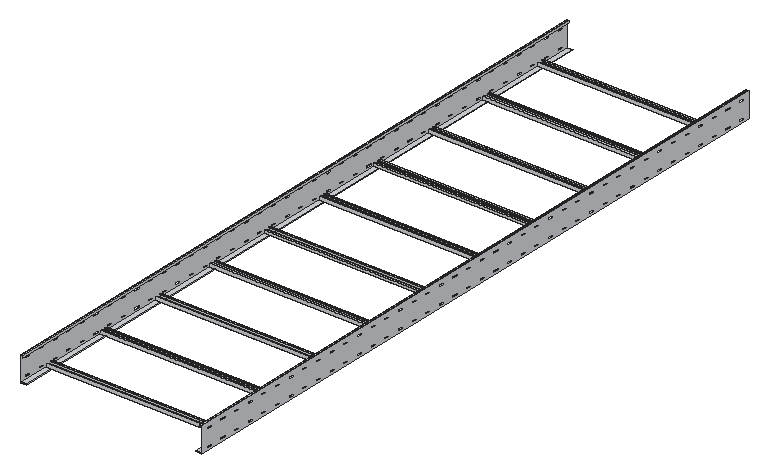
Revit family "Kabelleiter SCLS 1180 3 FTSO", category Generic Models, Revit 2017 (continued)
Dimensions and locks
  Extrusion 7 sketch curve to Extrusion 7 sketch curve = 30 mm
  locked: Extrusion 7 sketch curve to Extrusion 7 sketch curve at 2  (x4)
  locked: Extrusion 7 sketch curve to Extrusion 7 sketch curve at 17
  locked: plane 45 to plane 46 at 30
  locked: plane 47 to plane 43 at 8.5
  locked: plane 43 to Extrusion 8 sketch curve at 8.5
  locked: Extrusion 8 sketch curve to Extrusion 8 sketch curve at 30
  Extrusion 8 sketch curve to Extrusion 8 sketch curve = 30 mm
  locked: Extrusion 8 sketch curve to Extrusion 8 sketch curve at 2  (x4)
  locked: Extrusion 8 sketch curve to Extrusion 8 sketch curve at 17
  locked: plane 51 to plane 52 at 30
  locked: plane 53 to plane 49 at 8.5
  locked: plane 49 to Extrusion 9 sketch curve at 8.5
  locked: Extrusion 9 sketch curve to Extrusion 9 sketch curve at 30
  Extrusion 9 sketch curve to Extrusion 9 sketch curve = 30 mm
  locked: Extrusion 9 sketch curve to Extrusion 9 sketch curve at 2  (x4)
  locked: Extrusion 9 sketch curve to Extrusion 9 sketch curve at 17
  locked: plane 57 to plane 58 at 30
  locked: plane 59 to plane 55 at 8.5
  locked: plane 55 to Extrusion 10 sketch curve at 8.5
  locked: Extrusion 10 sketch curve to Extrusion 10 sketch curve at 30
  Extrusion 10 sketch curve to Extrusion 10 sketch curve = 30 mm
  locked: Extrusion 10 sketch curve to Extrusion 10 sketch curve at 2  (x4)
  locked: Extrusion 10 sketch curve to Extrusion 10 sketch curve at 17
  locked: plane 63 to plane 64 at 30
  locked: plane 65 to plane 61 at 8.5
  locked: plane 61 to Extrusion 11 sketch curve at 8.5
  locked: Extrusion 11 sketch curve to Extrusion 11 sketch curve at 30
  Extrusion 11 sketch curve to Extrusion 11 sketch curve = 30 mm
  locked: Extrusion 11 sketch curve to Extrusion 11 sketch curve at 2  (x4)
  locked: Extrusion 11 sketch curve to Extrusion 11 sketch curve at 17
  locked: Extrusion 12 sketch curve to Extrusion 12 sketch curve at 28
  locked: Extrusion 12 sketch curve to plane 67 at 14
  locked: Extrusion 12 sketch curve to Extrusion 12 sketch curve at 9
  locked: plane 68 to Extrusion 12 sketch curve at 4.5
  locked: Extrusion 13 sketch curve to Extrusion 13 sketch curve at 28
  locked: Extrusion 13 sketch curve to plane 69 at 14
  locked: Extrusion 13 sketch curve to Extrusion 13 sketch curve at 9
  locked: plane 70 to Extrusion 13 sketch curve at 4.5
  locked: Extrusion 14 sketch curve to Extrusion 14 sketch curve at 28
  locked: Extrusion 14 sketch curve to plane 71 at 14
  locked: Extrusion 14 sketch curve to Extrusion 14 sketch curve at 9
  locked: plane 72 to Extrusion 14 sketch curve at 4.5
  locked: Extrusion 15 sketch curve to Extrusion 15 sketch curve at 28
  locked: Extrusion 15 sketch curve to plane 73 at 14
  locked: Extrusion 15 sketch curve to Extrusion 15 sketch curve at 9
  locked: plane 74 to Extrusion 15 sketch curve at 4.5
  equal spacing: group 1, group 2, group 3, group 4, group 5, group 6, group 7, group 8, group 9, group 10, group 11, group 12, group 13, group 14, group 15, group 16, group 17, group 18, group 19, group 20, group 21, group 22, group 23, group 24, group 25, group 26, group 27, group 28, group 29, group 30, group 31, group 32, group 33, group 34, group 35, group 36, group 37, group 38, group 39, group 40  (x3)
  locked: Extrusion 16 sketch curve to Extrusion 16 sketch curve at 28
  locked: Extrusion 16 sketch curve to plane 75 at 14
  locked: Extrusion 16 sketch curve to Extrusion 16 sketch curve at 9
  locked: plane 76 to Extrusion 16 sketch curve at 4.5
  locked: Extrusion 17 sketch curve to Extrusion 17 sketch curve at 28
  locked: Extrusion 17 sketch curve to plane 77 at 14
  locked: Extrusion 17 sketch curve to Extrusion 17 sketch curve at 9
  locked: plane 78 to Extrusion 17 sketch curve at 4.5
  locked: Extrusion 18 sketch curve to Extrusion 18 sketch curve at 28
  locked: Extrusion 18 sketch curve to plane 79 at 14
  locked: Extrusion 18 sketch curve to Extrusion 18 sketch curve at 9
  locked: plane 80 to Extrusion 18 sketch curve at 4.5
  locked: Extrusion 19 sketch curve to Extrusion 19 sketch curve at 28
  locked: Extrusion 19 sketch curve to plane 81 at 14
  locked: Extrusion 19 sketch curve to Extrusion 19 sketch curve at 9
  locked: plane 82 to Extrusion 19 sketch curve at 4.5
  locked: Extrusion 20 sketch curve to Extrusion 20 sketch curve at 28
  locked: Extrusion 20 sketch curve to plane 83 at 14
  locked: Extrusion 20 sketch curve to Extrusion 20 sketch curve at 9
  locked: plane 84 to Extrusion 20 sketch curve at 4.5
  locked: Extrusion 21 sketch curve to Extrusion 21 sketch curve at 28
  locked: Extrusion 21 sketch curve to plane 85 at 14
  locked: Extrusion 21 sketch curve to Extrusion 21 sketch curve at 9
  locked: plane 86 to Extrusion 21 sketch curve at 4.5
  locked: Extrusion 22 sketch curve to Extrusion 22 sketch curve at 28
  locked: Extrusion 22 sketch curve to plane 87 at 14
  locked: Extrusion 22 sketch curve to Extrusion 22 sketch curve at 9
  locked: plane 88 to Extrusion 22 sketch curve at 4.5
  locked: Extrusion 23 sketch curve to Extrusion 23 sketch curve at 28
  locked: Extrusion 23 sketch curve to plane 89 at 14
  locked: Extrusion 23 sketch curve to Extrusion 23 sketch curve at 9
  locked: plane 90 to Extrusion 23 sketch curve at 4.5
  locked: Extrusion 24 sketch curve to Extrusion 24 sketch curve at 28
  locked: Extrusion 24 sketch curve to plane 91 at 14
  locked: Extrusion 24 sketch curve to Extrusion 24 sketch curve at 9
  locked: plane 92 to Extrusion 24 sketch curve at 4.5
  locked: Extrusion 25 sketch curve to Extrusion 25 sketch curve at 28
  locked: Extrusion 25 sketch curve to plane 93 at 14
  locked: Extrusion 25 sketch curve to Extrusion 25 sketch curve at 9
  locked: plane 94 to Extrusion 25 sketch curve at 4.5
  locked: Extrusion 26 sketch curve to Extrusion 26 sketch curve at 28
  locked: Extrusion 26 sketch curve to plane 95 at 14
  locked: Extrusion 26 sketch curve to Extrusion 26 sketch curve at 9
  locked: plane 96 to Extrusion 26 sketch curve at 4.5
  locked: Extrusion 27 sketch curve to Extrusion 27 sketch curve at 28
  locked: Extrusion 27 sketch curve to plane 97 at 14
  locked: Extrusion 27 sketch curve to Extrusion 27 sketch curve at 9
  locked: plane 98 to Extrusion 27 sketch curve at 4.5
  locked: Extrusion 28 sketch curve to Extrusion 28 sketch curve at 28
  locked: Extrusion 28 sketch curve to plane 99 at 14
  locked: Extrusion 28 sketch curve to Extrusion 28 sketch curve at 9
  locked: plane 100 to Extrusion 28 sketch curve at 4.5
  locked: Extrusion 29 sketch curve to Extrusion 29 sketch curve at 28
  locked: Extrusion 29 sketch curve to plane 101 at 14
  locked: Extrusion 29 sketch curve to Extrusion 29 sketch curve at 9
  locked: plane 102 to Extrusion 29 sketch curve at 4.5
  locked: Extrusion 30 sketch curve to Extrusion 30 sketch curve at 28
  locked: Extrusion 30 sketch curve to plane 103 at 14
  locked: Extrusion 30 sketch curve to Extrusion 30 sketch curve at 9
  locked: plane 104 to Extrusion 30 sketch curve at 4.5
  locked: Extrusion 31 sketch curve to Extrusion 31 sketch curve at 28
  locked: Extrusion 31 sketch curve to plane 105 at 14
  locked: Extrusion 31 sketch curve to Extrusion 31 sketch curve at 9
  locked: plane 106 to Extrusion 31 sketch curve at 4.5
  locked: Extrusion 32 sketch curve to Extrusion 32 sketch curve at 28
  locked: Extrusion 32 sketch curve to plane 107 at 14
  locked: Extrusion 32 sketch curve to Extrusion 32 sketch curve at 9
  locked: plane 108 to Extrusion 32 sketch curve at 4.5
  locked: Extrusion 33 sketch curve to Extrusion 33 sketch curve at 28
  locked: Extrusion 33 sketch curve to plane 109 at 14
  locked: Extrusion 33 sketch curve to Extrusion 33 sketch curve at 9
  locked: plane 110 to Extrusion 33 sketch curve at 4.5
  locked: Extrusion 34 sketch curve to Extrusion 34 sketch curve at 28
  locked: Extrusion 34 sketch curve to plane 111 at 14
  locked: Extrusion 34 sketch curve to Extrusion 34 sketch curve at 9
  locked: plane 112 to Extrusion 34 sketch curve at 4.5
  locked: Extrusion 35 sketch curve to Extrusion 35 sketch curve at 28
  locked: Extrusion 35 sketch curve to plane 113 at 14
  locked: Extrusion 35 sketch curve to Extrusion 35 sketch curve at 9
  locked: plane 114 to Extrusion 35 sketch curve at 4.5
  locked: Extrusion 36 sketch curve to Extrusion 36 sketch curve at 28
  locked: Extrusion 36 sketch curve to plane 115 at 14
  locked: Extrusion 36 sketch curve to Extrusion 36 sketch curve at 9
  locked: plane 116 to Extrusion 36 sketch curve at 4.5
  locked: Extrusion 37 sketch curve to Extrusion 37 sketch curve at 28
  locked: Extrusion 37 sketch curve to plane 117 at 14
  locked: Extrusion 37 sketch curve to Extrusion 37 sketch curve at 9
  locked: plane 118 to Extrusion 37 sketch curve at 4.5
  locked: Extrusion 38 sketch curve to Extrusion 38 sketch curve at 28
  locked: Extrusion 38 sketch curve to plane 119 at 14
  locked: Extrusion 38 sketch curve to Extrusion 38 sketch curve at 9
  locked: plane 120 to Extrusion 38 sketch curve at 4.5
  locked: Extrusion 39 sketch curve to Extrusion 39 sketch curve at 28
  locked: Extrusion 39 sketch curve to plane 121 at 14
  locked: Extrusion 39 sketch curve to Extrusion 39 sketch curve at 9
  locked: plane 122 to Extrusion 39 sketch curve at 4.5
  locked: Extrusion 40 sketch curve to Extrusion 40 sketch curve at 28
  locked: Extrusion 40 sketch curve to plane 123 at 14
  locked: Extrusion 40 sketch curve to Extrusion 40 sketch curve at 9
  locked: plane 124 to Extrusion 40 sketch curve at 4.5
  locked: Extrusion 41 sketch curve to Extrusion 41 sketch curve at 28
  locked: Extrusion 41 sketch curve to plane 125 at 14
  locked: Extrusion 41 sketch curve to Extrusion 41 sketch curve at 9
  locked: plane 126 to Extrusion 41 sketch curve at 4.5
  locked: Extrusion 42 sketch curve to Extrusion 42 sketch curve at 28
  locked: Extrusion 42 sketch curve to plane 127 at 14
  locked: Extrusion 42 sketch curve to Extrusion 42 sketch curve at 9
  locked: plane 128 to Extrusion 42 sketch curve at 4.5
  locked: Extrusion 43 sketch curve to Extrusion 43 sketch curve at 28
  locked: Extrusion 43 sketch curve to plane 129 at 14
  locked: Extrusion 43 sketch curve to Extrusion 43 sketch curve at 9
  locked: plane 130 to Extrusion 43 sketch curve at 4.5
  locked: Extrusion 44 sketch curve to Extrusion 44 sketch curve at 28
  locked: Extrusion 44 sketch curve to plane 131 at 14
  locked: Extrusion 44 sketch curve to Extrusion 44 sketch curve at 9
  locked: plane 132 to Extrusion 44 sketch curve at 4.5
  locked: Extrusion 45 sketch curve to Extrusion 45 sketch curve at 28
  locked: Extrusion 45 sketch curve to plane 133 at 14
  locked: Extrusion 45 sketch curve to Extrusion 45 sketch curve at 9
  locked: plane 134 to Extrusion 45 sketch curve at 4.5
  locked: Extrusion 46 sketch curve to Extrusion 46 sketch curve at 28
  locked: Extrusion 46 sketch curve to plane 135 at 14
  locked: Extrusion 46 sketch curve to Extrusion 46 sketch curve at 9
  locked: plane 136 to Extrusion 46 sketch curve at 4.5
  locked: Extrusion 47 sketch curve to Extrusion 47 sketch curve at 28
  locked: Extrusion 47 sketch curve to plane 137 at 14
  locked: Extrusion 47 sketch curve to Extrusion 47 sketch curve at 9
  locked: plane 138 to Extrusion 47 sketch curve at 4.5
  locked: Extrusion 48 sketch curve to Extrusion 48 sketch curve at 28
  locked: Extrusion 48 sketch curve to plane 139 at 14
  locked: Extrusion 48 sketch curve to Extrusion 48 sketch curve at 9
  locked: plane 140 to Extrusion 48 sketch curve at 4.5
  locked: Extrusion 49 sketch curve to Extrusion 49 sketch curve at 28
  locked: Extrusion 49 sketch curve to plane 141 at 14
  locked: Extrusion 49 sketch curve to Extrusion 49 sketch curve at 9
  locked: plane 142 to Extrusion 49 sketch curve at 4.5
  locked: Extrusion 50 sketch curve to Extrusion 50 sketch curve at 28
  locked: Extrusion 50 sketch curve to plane 143 at 14
  locked: Extrusion 50 sketch curve to Extrusion 50 sketch curve at 9
  locked: plane 144 to Extrusion 50 sketch curve at 4.5
  locked: Extrusion 51 sketch curve to Extrusion 51 sketch curve at 28
  locked: Extrusion 51 sketch curve to plane 145 at 14
  locked: Extrusion 51 sketch curve to Extrusion 51 sketch curve at 9
  locked: plane 146 to Extrusion 51 sketch curve at 4.5
  locked: Extrusion 52 sketch curve to Extrusion 52 sketch curve at 28
  locked: Extrusion 52 sketch curve to plane 147 at 14
  locked: Extrusion 52 sketch curve to Extrusion 52 sketch curve at 9
  locked: plane 148 to Extrusion 52 sketch curve at 4.5
  locked: Extrusion 53 sketch curve to Extrusion 53 sketch curve at 28
  locked: Extrusion 53 sketch curve to plane 149 at 14
  locked: Extrusion 53 sketch curve to Extrusion 53 sketch curve at 9
  locked: plane 150 to Extrusion 53 sketch curve at 4.5
  locked: Extrusion 54 sketch curve to Extrusion 54 sketch curve at 28
  locked: Extrusion 54 sketch curve to plane 151 at 14
  locked: Extrusion 54 sketch curve to Extrusion 54 sketch curve at 9
  locked: plane 152 to Extrusion 54 sketch curve at 4.5
  locked: Extrusion 55 sketch curve to Extrusion 55 sketch curve at 28
  locked: Extrusion 55 sketch curve to plane 153 at 14
  locked: Extrusion 55 sketch curve to Extrusion 55 sketch curve at 9
  locked: plane 154 to Extrusion 55 sketch curve at 4.5
  locked: Extrusion 56 sketch curve to Extrusion 56 sketch curve at 28
  locked: Extrusion 56 sketch curve to plane 155 at 14
  locked: Extrusion 56 sketch curve to Extrusion 56 sketch curve at 9
  locked: plane 156 to Extrusion 56 sketch curve at 4.5
  locked: Extrusion 57 sketch curve to Extrusion 57 sketch curve at 28
  locked: Extrusion 57 sketch curve to plane 157 at 14
  locked: Extrusion 57 sketch curve to Extrusion 57 sketch curve at 9
  locked: plane 158 to Extrusion 57 sketch curve at 4.5
  locked: Extrusion 58 sketch curve to Extrusion 58 sketch curve at 28
  locked: Extrusion 58 sketch curve to plane 159 at 14
  locked: Extrusion 58 sketch curve to Extrusion 58 sketch curve at 9
  locked: plane 160 to Extrusion 58 sketch curve at 4.5
  locked: Extrusion 59 sketch curve to Extrusion 59 sketch curve at 28
  locked: Extrusion 59 sketch curve to plane 161 at 14
  locked: Extrusion 59 sketch curve to Extrusion 59 sketch curve at 9
  locked: plane 162 to Extrusion 59 sketch curve at 4.5
  locked: Extrusion 60 sketch curve to Extrusion 60 sketch curve at 28
  locked: Extrusion 60 sketch curve to plane 163 at 14
  locked: Extrusion 60 sketch curve to Extrusion 60 sketch curve at 9
  locked: plane 164 to Extrusion 60 sketch curve at 4.5
  locked: Extrusion 61 sketch curve to Extrusion 61 sketch curve at 28
  locked: Extrusion 61 sketch curve to plane 165 at 14
  locked: Extrusion 61 sketch curve to Extrusion 61 sketch curve at 9
  locked: plane 166 to Extrusion 61 sketch curve at 4.5
  locked: Extrusion 62 sketch curve to Extrusion 62 sketch curve at 28
  locked: Extrusion 62 sketch curve to plane 167 at 14
  locked: Extrusion 62 sketch curve to Extrusion 62 sketch curve at 9
  locked: plane 168 to Extrusion 62 sketch curve at 4.5
  locked: Extrusion 63 sketch curve to Extrusion 63 sketch curve at 28
  locked: Extrusion 63 sketch curve to plane 169 at 14
  locked: Extrusion 63 sketch curve to Extrusion 63 sketch curve at 9
  locked: plane 170 to Extrusion 63 sketch curve at 4.5
  locked: Extrusion 64 sketch curve to Extrusion 64 sketch curve at 28
  locked: Extrusion 64 sketch curve to plane 171 at 14
  locked: Extrusion 64 sketch curve to Extrusion 64 sketch curve at 9
  locked: plane 172 to Extrusion 64 sketch curve at 4.5
  locked: Extrusion 65 sketch curve to Extrusion 65 sketch curve at 28
  locked: Extrusion 65 sketch curve to plane 173 at 14
  locked: Extrusion 65 sketch curve to Extrusion 65 sketch curve at 9
  locked: plane 174 to Extrusion 65 sketch curve at 4.5
  locked: Extrusion 66 sketch curve to Extrusion 66 sketch curve at 28
  locked: Extrusion 66 sketch curve to plane 175 at 14
  locked: Extrusion 66 sketch curve to Extrusion 66 sketch curve at 9
  locked: plane 176 to Extrusion 66 sketch curve at 4.5
  locked: Extrusion 67 sketch curve to Extrusion 67 sketch curve at 28
  locked: Extrusion 67 sketch curve to plane 177 at 14
  locked: Extrusion 67 sketch curve to Extrusion 67 sketch curve at 9
  locked: plane 178 to Extrusion 67 sketch curve at 4.5
  locked: Extrusion 68 sketch curve to Extrusion 68 sketch curve at 28
  locked: Extrusion 68 sketch curve to plane 179 at 14
  locked: Extrusion 68 sketch curve to Extrusion 68 sketch curve at 9
  locked: plane 180 to Extrusion 68 sketch curve at 4.5
  locked: Extrusion 69 sketch curve to Extrusion 69 sketch curve at 28
  locked: Extrusion 69 sketch curve to plane 181 at 14
  locked: Extrusion 69 sketch curve to Extrusion 69 sketch curve at 9
  locked: plane 182 to Extrusion 69 sketch curve at 4.5
  locked: Extrusion 70 sketch curve to Extrusion 70 sketch curve at 28
  locked: Extrusion 70 sketch curve to plane 183 at 14
  locked: Extrusion 70 sketch curve to Extrusion 70 sketch curve at 9
  locked: plane 184 to Extrusion 70 sketch curve at 4.5
  locked: Extrusion 71 sketch curve to Extrusion 71 sketch curve at 28
  locked: Extrusion 71 sketch curve to plane 185 at 14
  locked: Extrusion 71 sketch curve to Extrusion 71 sketch curve at 9
  locked: plane 186 to Extrusion 71 sketch curve at 4.5
  locked: Extrusion 72 sketch curve to Extrusion 72 sketch curve at 28
  locked: Extrusion 72 sketch curve to plane 187 at 14
  locked: Extrusion 72 sketch curve to Extrusion 72 sketch curve at 9
  locked: plane 188 to Extrusion 72 sketch curve at 4.5
  locked: Extrusion 73 sketch curve to Extrusion 73 sketch curve at 28
  locked: Extrusion 73 sketch curve to plane 189 at 14
  locked: Extrusion 73 sketch curve to Extrusion 73 sketch curve at 9
  locked: plane 190 to Extrusion 73 sketch curve at 4.5
  locked: Extrusion 74 sketch curve to Extrusion 74 sketch curve at 28
  locked: Extrusion 74 sketch curve to plane 191 at 14
  locked: Extrusion 74 sketch curve to Extrusion 74 sketch curve at 9
  locked: plane 192 to Extrusion 74 sketch curve at 4.5
  locked: Extrusion 75 sketch curve to Extrusion 75 sketch curve at 28
  locked: Extrusion 75 sketch curve to plane 193 at 14
  locked: Extrusion 75 sketch curve to Extrusion 75 sketch curve at 9
  locked: plane 194 to Extrusion 75 sketch curve at 4.5
  locked: Extrusion 76 sketch curve to Extrusion 76 sketch curve at 28
  locked: Extrusion 76 sketch curve to plane 195 at 14
  locked: Extrusion 76 sketch curve to Extrusion 76 sketch curve at 9
  locked: plane 196 to Extrusion 76 sketch curve at 4.5
  locked: Extrusion 77 sketch curve to Extrusion 77 sketch curve at 28
  locked: Extrusion 77 sketch curve to plane 197 at 14
  locked: Extrusion 77 sketch curve to Extrusion 77 sketch curve at 9
  locked: plane 198 to Extrusion 77 sketch curve at 4.5
  locked: Extrusion 78 sketch curve to Extrusion 78 sketch curve at 28
  locked: Extrusion 78 sketch curve to plane 199 at 14
  locked: Extrusion 78 sketch curve to Extrusion 78 sketch curve at 9
  locked: plane 200 to Extrusion 78 sketch curve at 4.5
  locked: Extrusion 79 sketch curve to Extrusion 79 sketch curve at 28
  locked: Extrusion 79 sketch curve to plane 201 at 14
  locked: Extrusion 79 sketch curve to Extrusion 79 sketch curve at 9
  locked: plane 202 to Extrusion 79 sketch curve at 4.5
  locked: Extrusion 80 sketch curve to Extrusion 80 sketch curve at 28
  locked: Extrusion 80 sketch curve to plane 203 at 14
  locked: Extrusion 80 sketch curve to Extrusion 80 sketch curve at 9
  locked: plane 204 to Extrusion 80 sketch curve at 4.5
  locked: Extrusion 81 sketch curve to Extrusion 81 sketch curve at 28
  locked: Extrusion 81 sketch curve to plane 205 at 14
  locked: Extrusion 81 sketch curve to Extrusion 81 sketch curve at 9
  locked: plane 206 to Extrusion 81 sketch curve at 4.5
  locked: Extrusion 82 sketch curve to Extrusion 82 sketch curve at 28
  locked: Extrusion 82 sketch curve to plane 207 at 14
  locked: Extrusion 82 sketch curve to Extrusion 82 sketch curve at 9
  locked: plane 208 to Extrusion 82 sketch curve at 4.5
  locked: Extrusion 83 sketch curve to Extrusion 83 sketch curve at 28
  locked: Extrusion 83 sketch curve to plane 209 at 14
  locked: Extrusion 83 sketch curve to Extrusion 83 sketch curve at 9
  locked: plane 210 to Extrusion 83 sketch curve at 4.5
  locked: Extrusion 84 sketch curve to Extrusion 84 sketch curve at 28
  locked: Extrusion 84 sketch curve to plane 211 at 14
  locked: Extrusion 84 sketch curve to Extrusion 84 sketch curve at 9
  locked: plane 212 to Extrusion 84 sketch curve at 4.5
  locked: Extrusion 85 sketch curve to Extrusion 85 sketch curve at 28
  locked: Extrusion 85 sketch curve to plane 213 at 14
  locked: Extrusion 85 sketch curve to Extrusion 85 sketch curve at 9
  locked: plane 214 to Extrusion 85 sketch curve at 4.5
  locked: Extrusion 86 sketch curve to Extrusion 86 sketch curve at 28
  locked: Extrusion 86 sketch curve to plane 215 at 14
  locked: Extrusion 86 sketch curve to Extrusion 86 sketch curve at 9
  locked: plane 216 to Extrusion 86 sketch curve at 4.5
  locked: Extrusion 87 sketch curve to Extrusion 87 sketch curve at 28
  locked: Extrusion 87 sketch curve to plane 217 at 14
  locked: Extrusion 87 sketch curve to Extrusion 87 sketch curve at 9
  locked: plane 218 to Extrusion 87 sketch curve at 4.5
  locked: Extrusion 88 sketch curve to Extrusion 88 sketch curve at 28
  locked: Extrusion 88 sketch curve to plane 219 at 14
  locked: Extrusion 88 sketch curve to Extrusion 88 sketch curve at 9
  locked: plane 220 to Extrusion 88 sketch curve at 4.5
  locked: Extrusion 89 sketch curve to Extrusion 89 sketch curve at 28
  locked: Extrusion 89 sketch curve to plane 221 at 14
  locked: Extrusion 89 sketch curve to Extrusion 89 sketch curve at 9
  locked: plane 222 to Extrusion 89 sketch curve at 4.5
  locked: Extrusion 90 sketch curve to Extrusion 90 sketch curve at 28
  locked: Extrusion 90 sketch curve to plane 223 at 14
  locked: Extrusion 90 sketch curve to Extrusion 90 sketch curve at 9
  locked: plane 224 to Extrusion 90 sketch curve at 4.5
  locked: Extrusion 91 sketch curve to Extrusion 91 sketch curve at 28
  locked: Extrusion 91 sketch curve to plane 225 at 14
  locked: Extrusion 91 sketch curve to Extrusion 91 sketch curve at 9
  locked: plane 226 to Extrusion 91 sketch curve at 4.5
  locked: cut or joined group 1 (Extrusion 1, Extrusion 12, Extrusion 13, Extrusion 14, Extrusion 15, Extrusion 16, Extrusion 17, Extrusion 18, Extrusion 19, Extrusion 20, Extrusion 21, Extrusion 22, Extrusion 23, Extrusion 24, Extrusion 25, Extrusion 26, Extrusion 27, Extrusion 28, Extrusion 29, Extrusion 30, Extrusion 31, Extrusion 32, Extrusion 33, Extrusion 34, Extrusion 35, Extrusion 36, Extrusion 37, Extrusion 38, Extrusion 39, Extrusion 40, Extrusion 41, Extrusion 42, Extrusion 43, Extrusion 44, Extrusion 45, Extrusion 46, Extrusion 47, Extrusion 48, Extrusion 49, Extrusion 50, Extrusion 51, Extrusion 52, Extrusion 53, Extrusion 54, Extrusion 55, Extrusion 56, Extrusion 57, Extrusion 58, Extrusion 59, Extrusion 60, Extrusion 61, Extrusion 62, Extrusion 63, Extrusion 64, Extrusion 65, Extrusion 66, Extrusion 67, Extrusion 68, Extrusion 69, Extrusion 70, Extrusion 71, Extrusion 72, Extrusion 73, Extrusion 74, Extrusion 75, Extrusion 76, Extrusion 77, Extrusion 78, Extrusion 79, Extrusion 80, Extrusion 81, Extrusion 82, Extrusion 83, Extrusion 84, Extrusion 85, Extrusion 86, Extrusion 87, Extrusion 88, Extrusion 89, Extrusion 90, Extrusion 91, Extrusion 92, Extrusion 93, Extrusion 95, Extrusion 96, Extrusion 97, Extrusion 98, Extrusion 99, Extrusion 100, Extrusion 101, Extrusion 102, Extrusion 103, Extrusion 104, Extrusion 105, Extrusion 106, Extrusion 107, Extrusion 108, Extrusion 109, Extrusion 110, Extrusion 111, Extrusion 112, Extrusion 113, Extrusion 114, Extrusion 115, Extrusion 116, Extrusion 117, Extrusion 118, Extrusion 119, Extrusion 120, Extrusion 121, Extrusion 122, Extrusion 123, Extrusion 124, Extrusion 125, Extrusion 126, Extrusion 127, Extrusion 128, Extrusion 129, Extrusion 130, Extrusion 131, Extrusion 132, Extrusion 133, Extrusion 134, Extrusion 135, Extrusion 136, Extrusion 137, Extrusion 138, Extrusion 139, Extrusion 140, Extrusion 141, Extrusion 142, Extrusion 143, Extrusion 144, Extrusion 145, Extrusion 146, Extrusion 147, Extrusion 148, Extrusion 149, Extrusion 150, Extrusion 151, Extrusion 152, Extrusion 153, Extrusion 154, Extrusion 155, Extrusion 156, Extrusion 157, Extrusion 158, Extrusion 159, Extrusion 160, Extrusion 161, Extrusion 162, Extrusion 163, Extrusion 164, Extrusion 165, Extrusion 166, Extrusion 167, Extrusion 168, Extrusion 169, Extrusion 170, Extrusion 171, Extrusion 172) to cut or joined group 1 at 47  (x18)
  locked: Extrusion 2 to Extrusion 3 at 270
  locked: Extrusion 3 to Extrusion 4 at 270
  locked: Extrusion 4 to Extrusion 5 at 270
  locked: Extrusion 5 to Extrusion 6 at 270
  locked: Extrusion 6 to Extrusion 7 at 270
  locked: Extrusion 7 to Extrusion 8 at 270
  locked: Extrusion 8 to Extrusion 9 at 270
  locked: Extrusion 9 to Extrusion 10 at 270
  locked: Extrusion 10 to Extrusion 11 at 270
  locked: Extrusion 11 to cut or joined group 1 at 135
  locked: Extrusion 92 sketch curve to Extrusion 92 sketch curve at 28
  locked: plane 228 to Extrusion 92 sketch curve at 14
  locked: Extrusion 92 sketch curve to Extrusion 92 sketch curve at 9
  locked: plane 227 to Extrusion 92 sketch curve at 4.5
  locked: Extrusion 93 sketch curve to Extrusion 93 sketch curve at 28
  locked: plane 230 to Extrusion 93 sketch curve at 14
  locked: Extrusion 93 sketch curve to Extrusion 93 sketch curve at 9
  locked: plane 229 to Extrusion 93 sketch curve at 4.5
  group 41 to group 42 = 0 mm  (x2)
  group 41 to group 42 = 75 mm
  locked: Extrusion 94 sketch curve to Extrusion 94 sketch curve at 28
  locked: plane 232 to Extrusion 94 sketch curve at 14
  locked: Extrusion 94 sketch curve to Extrusion 94 sketch curve at 9
  locked: plane 231 to Extrusion 94 sketch curve at 4.5
  locked: Extrusion 95 sketch curve to Extrusion 95 sketch curve at 28
  locked: plane 234 to Extrusion 95 sketch curve at 14
  locked: Extrusion 95 sketch curve to Extrusion 95 sketch curve at 9
  locked: plane 233 to Extrusion 95 sketch curve at 4.5
  locked: Extrusion 96 sketch curve to Extrusion 96 sketch curve at 28
  locked: plane 236 to Extrusion 96 sketch curve at 14
  locked: Extrusion 96 sketch curve to Extrusion 96 sketch curve at 9
  locked: plane 235 to Extrusion 96 sketch curve at 4.5
  group 45 to group 46 = 0 mm  (x2)
  group 45 to group 46 = 75 mm
  equal spacing: group 43, group 47, group 50, group 53, group 56, group 59, group 62, group 65, group 68, group 71, group 74, group 77, group 80, group 83, group 86, group 89, group 92, group 95, group 98, group 101, group 104, group 107, group 110, group 113, group 116, group 119, group 122, group 125, group 128, group 131, group 134, group 137, group 140, group 143, group 146, group 149, group 152, group 155, group 158, group 161  (x3)
  locked: Extrusion 97 sketch curve to Extrusion 97 sketch curve at 28
  locked: plane 238 to Extrusion 97 sketch curve at 14
  locked: Extrusion 97 sketch curve to Extrusion 97 sketch curve at 9
  locked: plane 237 to Extrusion 97 sketch curve at 4.5
  locked: Extrusion 98 sketch curve to Extrusion 98 sketch curve at 28
  locked: plane 240 to Extrusion 98 sketch curve at 14
  locked: Extrusion 98 sketch curve to Extrusion 98 sketch curve at 9
  locked: plane 239 to Extrusion 98 sketch curve at 4.5
  group 48 to group 49 = 0 mm  (x2)
  group 48 to group 49 = 75 mm
  locked: Extrusion 99 sketch curve to Extrusion 99 sketch curve at 28
  locked: plane 242 to Extrusion 99 sketch curve at 14
  locked: Extrusion 99 sketch curve to Extrusion 99 sketch curve at 9
  locked: plane 241 to Extrusion 99 sketch curve at 4.5
  locked: Extrusion 100 sketch curve to Extrusion 100 sketch curve at 28
  locked: plane 244 to Extrusion 100 sketch curve at 14
  locked: Extrusion 100 sketch curve to Extrusion 100 sketch curve at 9
  locked: plane 243 to Extrusion 100 sketch curve at 4.5
  group 51 to group 52 = 0 mm  (x2)
  group 51 to group 52 = 75 mm
  locked: Extrusion 101 sketch curve to Extrusion 101 sketch curve at 28
  locked: plane 246 to Extrusion 101 sketch curve at 14
  locked: Extrusion 101 sketch curve to Extrusion 101 sketch curve at 9
  locked: plane 245 to Extrusion 101 sketch curve at 4.5
  locked: Extrusion 102 sketch curve to Extrusion 102 sketch curve at 28
  locked: plane 248 to Extrusion 102 sketch curve at 14
  locked: Extrusion 102 sketch curve to Extrusion 102 sketch curve at 9
  locked: plane 247 to Extrusion 102 sketch curve at 4.5
  group 54 to group 55 = 0 mm  (x2)
  group 54 to group 55 = 75 mm
  locked: Extrusion 103 sketch curve to Extrusion 103 sketch curve at 28
  locked: plane 250 to Extrusion 103 sketch curve at 14
  locked: Extrusion 103 sketch curve to Extrusion 103 sketch curve at 9
  locked: plane 249 to Extrusion 103 sketch curve at 4.5
  locked: Extrusion 104 sketch curve to Extrusion 104 sketch curve at 28
  locked: plane 252 to Extrusion 104 sketch curve at 14
  locked: Extrusion 104 sketch curve to Extrusion 104 sketch curve at 9
  locked: plane 251 to Extrusion 104 sketch curve at 4.5
  group 57 to group 58 = 0 mm  (x2)
  group 57 to group 58 = 75 mm
  locked: Extrusion 105 sketch curve to Extrusion 105 sketch curve at 28
  locked: plane 254 to Extrusion 105 sketch curve at 14
  locked: Extrusion 105 sketch curve to Extrusion 105 sketch curve at 9
  locked: plane 253 to Extrusion 105 sketch curve at 4.5
  locked: Extrusion 106 sketch curve to Extrusion 106 sketch curve at 28
  locked: plane 256 to Extrusion 106 sketch curve at 14
  locked: Extrusion 106 sketch curve to Extrusion 106 sketch curve at 9
  locked: plane 255 to Extrusion 106 sketch curve at 4.5
  group 60 to group 61 = 0 mm  (x2)
  group 60 to group 61 = 75 mm
  locked: Extrusion 107 sketch curve to Extrusion 107 sketch curve at 28
  locked: plane 258 to Extrusion 107 sketch curve at 14
  locked: Extrusion 107 sketch curve to Extrusion 107 sketch curve at 9
  locked: plane 257 to Extrusion 107 sketch curve at 4.5
  locked: Extrusion 108 sketch curve to Extrusion 108 sketch curve at 28
  locked: plane 260 to Extrusion 108 sketch curve at 14
  locked: Extrusion 108 sketch curve to Extrusion 108 sketch curve at 9
  locked: plane 259 to Extrusion 108 sketch curve at 4.5
  group 63 to group 64 = 0 mm  (x2)
  group 63 to group 64 = 75 mm
  locked: Extrusion 109 sketch curve to Extrusion 109 sketch curve at 28
  locked: plane 262 to Extrusion 109 sketch curve at 14
  locked: Extrusion 109 sketch curve to Extrusion 109 sketch curve at 9
  locked: plane 261 to Extrusion 109 sketch curve at 4.5
  locked: Extrusion 110 sketch curve to Extrusion 110 sketch curve at 28
  locked: plane 264 to Extrusion 110 sketch curve at 14
  locked: Extrusion 110 sketch curve to Extrusion 110 sketch curve at 9
  locked: plane 263 to Extrusion 110 sketch curve at 4.5
  group 66 to group 67 = 0 mm  (x2)
  group 66 to group 67 = 75 mm
  locked: Extrusion 111 sketch curve to Extrusion 111 sketch curve at 28
  locked: plane 266 to Extrusion 111 sketch curve at 14
  locked: Extrusion 111 sketch curve to Extrusion 111 sketch curve at 9
  locked: plane 265 to Extrusion 111 sketch curve at 4.5
  locked: Extrusion 112 sketch curve to Extrusion 112 sketch curve at 28
  locked: plane 268 to Extrusion 112 sketch curve at 14
  locked: Extrusion 112 sketch curve to Extrusion 112 sketch curve at 9
  locked: plane 267 to Extrusion 112 sketch curve at 4.5
  group 69 to group 70 = 0 mm  (x2)
  group 69 to group 70 = 75 mm
  locked: Extrusion 113 sketch curve to Extrusion 113 sketch curve at 28
  locked: plane 270 to Extrusion 113 sketch curve at 14
  locked: Extrusion 113 sketch curve to Extrusion 113 sketch curve at 9
  locked: plane 269 to Extrusion 113 sketch curve at 4.5
  locked: Extrusion 114 sketch curve to Extrusion 114 sketch curve at 28
  locked: plane 272 to Extrusion 114 sketch curve at 14
  locked: Extrusion 114 sketch curve to Extrusion 114 sketch curve at 9
  locked: plane 271 to Extrusion 114 sketch curve at 4.5
  group 72 to group 73 = 0 mm  (x2)
  group 72 to group 73 = 75 mm
  locked: Extrusion 115 sketch curve to Extrusion 115 sketch curve at 28
  locked: plane 274 to Extrusion 115 sketch curve at 14
  locked: Extrusion 115 sketch curve to Extrusion 115 sketch curve at 9
  locked: plane 273 to Extrusion 115 sketch curve at 4.5
  locked: Extrusion 116 sketch curve to Extrusion 116 sketch curve at 28
  locked: plane 276 to Extrusion 116 sketch curve at 14
  locked: Extrusion 116 sketch curve to Extrusion 116 sketch curve at 9
  locked: plane 275 to Extrusion 116 sketch curve at 4.5
  group 75 to group 76 = 0 mm  (x2)
  group 75 to group 76 = 75 mm
  locked: Extrusion 117 sketch curve to Extrusion 117 sketch curve at 28
  locked: plane 278 to Extrusion 117 sketch curve at 14
  locked: Extrusion 117 sketch curve to Extrusion 117 sketch curve at 9
  locked: plane 277 to Extrusion 117 sketch curve at 4.5
  locked: Extrusion 118 sketch curve to Extrusion 118 sketch curve at 28
  locked: plane 280 to Extrusion 118 sketch curve at 14
  locked: Extrusion 118 sketch curve to Extrusion 118 sketch curve at 9
  locked: plane 279 to Extrusion 118 sketch curve at 4.5
  group 78 to group 79 = 0 mm  (x2)
  group 78 to group 79 = 75 mm
  locked: Extrusion 119 sketch curve to Extrusion 119 sketch curve at 28
  locked: plane 282 to Extrusion 119 sketch curve at 14
  locked: Extrusion 119 sketch curve to Extrusion 119 sketch curve at 9
  locked: plane 281 to Extrusion 119 sketch curve at 4.5
  locked: Extrusion 120 sketch curve to Extrusion 120 sketch curve at 28
  locked: plane 284 to Extrusion 120 sketch curve at 14
  locked: Extrusion 120 sketch curve to Extrusion 120 sketch curve at 9
  locked: plane 283 to Extrusion 120 sketch curve at 4.5
  group 81 to group 82 = 0 mm  (x2)
  group 81 to group 82 = 75 mm
  locked: Extrusion 121 sketch curve to Extrusion 121 sketch curve at 28
  locked: plane 286 to Extrusion 121 sketch curve at 14
  locked: Extrusion 121 sketch curve to Extrusion 121 sketch curve at 9
  locked: plane 285 to Extrusion 121 sketch curve at 4.5
  locked: Extrusion 122 sketch curve to Extrusion 122 sketch curve at 28
  locked: plane 288 to Extrusion 122 sketch curve at 14
  locked: Extrusion 122 sketch curve to Extrusion 122 sketch curve at 9
  locked: plane 287 to Extrusion 122 sketch curve at 4.5
  group 84 to group 85 = 0 mm  (x2)
  group 84 to group 85 = 75 mm
  locked: Extrusion 123 sketch curve to Extrusion 123 sketch curve at 28
  locked: plane 290 to Extrusion 123 sketch curve at 14
  locked: Extrusion 123 sketch curve to Extrusion 123 sketch curve at 9
  locked: plane 289 to Extrusion 123 sketch curve at 4.5
  locked: Extrusion 124 sketch curve to Extrusion 124 sketch curve at 28
  locked: plane 292 to Extrusion 124 sketch curve at 14
  locked: Extrusion 124 sketch curve to Extrusion 124 sketch curve at 9
  locked: plane 291 to Extrusion 124 sketch curve at 4.5
  group 87 to group 88 = 0 mm  (x2)
  group 87 to group 88 = 75 mm
  locked: Extrusion 125 sketch curve to Extrusion 125 sketch curve at 28
  locked: plane 294 to Extrusion 125 sketch curve at 14
  locked: Extrusion 125 sketch curve to Extrusion 125 sketch curve at 9
  locked: plane 293 to Extrusion 125 sketch curve at 4.5
  locked: Extrusion 126 sketch curve to Extrusion 126 sketch curve at 28
  locked: plane 296 to Extrusion 126 sketch curve at 14
  locked: Extrusion 126 sketch curve to Extrusion 126 sketch curve at 9
  locked: plane 295 to Extrusion 126 sketch curve at 4.5
  group 90 to group 91 = 0 mm  (x2)
  group 90 to group 91 = 75 mm
  locked: Extrusion 127 sketch curve to Extrusion 127 sketch curve at 28
  locked: plane 298 to Extrusion 127 sketch curve at 14
  locked: Extrusion 127 sketch curve to Extrusion 127 sketch curve at 9
  locked: plane 297 to Extrusion 127 sketch curve at 4.5
  locked: Extrusion 128 sketch curve to Extrusion 128 sketch curve at 28
  locked: plane 300 to Extrusion 128 sketch curve at 14
  locked: Extrusion 128 sketch curve to Extrusion 128 sketch curve at 9
  locked: plane 299 to Extrusion 128 sketch curve at 4.5
  group 93 to group 94 = 0 mm  (x2)
  group 93 to group 94 = 75 mm
  locked: Extrusion 129 sketch curve to Extrusion 129 sketch curve at 28
  locked: plane 302 to Extrusion 129 sketch curve at 14
  locked: Extrusion 129 sketch curve to Extrusion 129 sketch curve at 9
  locked: plane 301 to Extrusion 129 sketch curve at 4.5
  locked: Extrusion 130 sketch curve to Extrusion 130 sketch curve at 28
  locked: plane 304 to Extrusion 130 sketch curve at 14
  locked: Extrusion 130 sketch curve to Extrusion 130 sketch curve at 9
  locked: plane 303 to Extrusion 130 sketch curve at 4.5
  group 96 to group 97 = 0 mm  (x2)
  group 96 to group 97 = 75 mm
  locked: Extrusion 131 sketch curve to Extrusion 131 sketch curve at 28
  locked: plane 306 to Extrusion 131 sketch curve at 14
  locked: Extrusion 131 sketch curve to Extrusion 131 sketch curve at 9
  locked: plane 305 to Extrusion 131 sketch curve at 4.5
  locked: Extrusion 132 sketch curve to Extrusion 132 sketch curve at 28
  locked: plane 308 to Extrusion 132 sketch curve at 14
  locked: Extrusion 132 sketch curve to Extrusion 132 sketch curve at 9
  locked: plane 307 to Extrusion 132 sketch curve at 4.5
  group 99 to group 100 = 0 mm  (x2)
  group 99 to group 100 = 75 mm
  locked: Extrusion 133 sketch curve to Extrusion 133 sketch curve at 28
  locked: plane 310 to Extrusion 133 sketch curve at 14
  locked: Extrusion 133 sketch curve to Extrusion 133 sketch curve at 9
  locked: plane 309 to Extrusion 133 sketch curve at 4.5
  locked: Extrusion 134 sketch curve to Extrusion 134 sketch curve at 28
  locked: plane 312 to Extrusion 134 sketch curve at 14
  locked: Extrusion 134 sketch curve to Extrusion 134 sketch curve at 9
  locked: plane 311 to Extrusion 134 sketch curve at 4.5
  group 102 to group 103 = 0 mm  (x2)
  group 102 to group 103 = 75 mm
  locked: Extrusion 135 sketch curve to Extrusion 135 sketch curve at 28
  locked: plane 314 to Extrusion 135 sketch curve at 14
  locked: Extrusion 135 sketch curve to Extrusion 135 sketch curve at 9
  locked: plane 313 to Extrusion 135 sketch curve at 4.5
  locked: Extrusion 136 sketch curve to Extrusion 136 sketch curve at 28
  locked: plane 316 to Extrusion 136 sketch curve at 14
  locked: Extrusion 136 sketch curve to Extrusion 136 sketch curve at 9
  locked: plane 315 to Extrusion 136 sketch curve at 4.5
  group 105 to group 106 = 0 mm  (x2)
  group 105 to group 106 = 75 mm
  locked: Extrusion 137 sketch curve to Extrusion 137 sketch curve at 28
  locked: plane 318 to Extrusion 137 sketch curve at 14
  locked: Extrusion 137 sketch curve to Extrusion 137 sketch curve at 9
  locked: plane 317 to Extrusion 137 sketch curve at 4.5
  locked: Extrusion 138 sketch curve to Extrusion 138 sketch curve at 28
  locked: plane 320 to Extrusion 138 sketch curve at 14
  locked: Extrusion 138 sketch curve to Extrusion 138 sketch curve at 9
  locked: plane 319 to Extrusion 138 sketch curve at 4.5
  group 108 to group 109 = 0 mm  (x2)
  group 108 to group 109 = 75 mm
  locked: Extrusion 139 sketch curve to Extrusion 139 sketch curve at 28
  locked: plane 322 to Extrusion 139 sketch curve at 14
  locked: Extrusion 139 sketch curve to Extrusion 139 sketch curve at 9
  locked: plane 321 to Extrusion 139 sketch curve at 4.5
  locked: Extrusion 140 sketch curve to Extrusion 140 sketch curve at 28
  locked: plane 324 to Extrusion 140 sketch curve at 14
  locked: Extrusion 140 sketch curve to Extrusion 140 sketch curve at 9
  locked: plane 323 to Extrusion 140 sketch curve at 4.5
  group 111 to group 112 = 0 mm  (x2)
  group 111 to group 112 = 75 mm
  locked: Extrusion 141 sketch curve to Extrusion 141 sketch curve at 28
  locked: plane 326 to Extrusion 141 sketch curve at 14
  locked: Extrusion 141 sketch curve to Extrusion 141 sketch curve at 9
  locked: plane 325 to Extrusion 141 sketch curve at 4.5
  locked: Extrusion 142 sketch curve to Extrusion 142 sketch curve at 28
  locked: plane 328 to Extrusion 142 sketch curve at 14
  locked: Extrusion 142 sketch curve to Extrusion 142 sketch curve at 9
  locked: plane 327 to Extrusion 142 sketch curve at 4.5
  group 114 to group 115 = 0 mm  (x2)
  group 114 to group 115 = 75 mm
  locked: Extrusion 143 sketch curve to Extrusion 143 sketch curve at 28
  locked: plane 330 to Extrusion 143 sketch curve at 14
  locked: Extrusion 143 sketch curve to Extrusion 143 sketch curve at 9
  locked: plane 329 to Extrusion 143 sketch curve at 4.5
  locked: Extrusion 144 sketch curve to Extrusion 144 sketch curve at 28
  locked: plane 332 to Extrusion 144 sketch curve at 14
  locked: Extrusion 144 sketch curve to Extrusion 144 sketch curve at 9
  locked: plane 331 to Extrusion 144 sketch curve at 4.5
  group 117 to group 118 = 0 mm  (x2)
  group 117 to group 118 = 75 mm
  locked: Extrusion 145 sketch curve to Extrusion 145 sketch curve at 28
  locked: plane 334 to Extrusion 145 sketch curve at 14
  locked: Extrusion 145 sketch curve to Extrusion 145 sketch curve at 9
  locked: plane 333 to Extrusion 145 sketch curve at 4.5
  locked: Extrusion 146 sketch curve to Extrusion 146 sketch curve at 28
  locked: plane 336 to Extrusion 146 sketch curve at 14
  locked: Extrusion 146 sketch curve to Extrusion 146 sketch curve at 9
  locked: plane 335 to Extrusion 146 sketch curve at 4.5
  group 120 to group 121 = 0 mm  (x2)
  group 120 to group 121 = 75 mm
  locked: Extrusion 147 sketch curve to Extrusion 147 sketch curve at 28
  locked: plane 338 to Extrusion 147 sketch curve at 14
  locked: Extrusion 147 sketch curve to Extrusion 147 sketch curve at 9
  locked: plane 337 to Extrusion 147 sketch curve at 4.5
  locked: Extrusion 148 sketch curve to Extrusion 148 sketch curve at 28
  locked: plane 340 to Extrusion 148 sketch curve at 14
  locked: Extrusion 148 sketch curve to Extrusion 148 sketch curve at 9
  locked: plane 339 to Extrusion 148 sketch curve at 4.5
  group 123 to group 124 = 0 mm  (x2)
  group 123 to group 124 = 75 mm
  locked: Extrusion 149 sketch curve to Extrusion 149 sketch curve at 28
  locked: plane 342 to Extrusion 149 sketch curve at 14
  locked: Extrusion 149 sketch curve to Extrusion 149 sketch curve at 9
  locked: plane 341 to Extrusion 149 sketch curve at 4.5
  locked: Extrusion 150 sketch curve to Extrusion 150 sketch curve at 28
  locked: plane 344 to Extrusion 150 sketch curve at 14
  locked: Extrusion 150 sketch curve to Extrusion 150 sketch curve at 9
  locked: plane 343 to Extrusion 150 sketch curve at 4.5
  group 126 to group 127 = 0 mm  (x2)
  group 126 to group 127 = 75 mm
  locked: Extrusion 151 sketch curve to Extrusion 151 sketch curve at 28
  locked: plane 346 to Extrusion 151 sketch curve at 14
  locked: Extrusion 151 sketch curve to Extrusion 151 sketch curve at 9
  locked: plane 345 to Extrusion 151 sketch curve at 4.5
  locked: Extrusion 152 sketch curve to Extrusion 152 sketch curve at 28
  locked: plane 348 to Extrusion 152 sketch curve at 14
  locked: Extrusion 152 sketch curve to Extrusion 152 sketch curve at 9
  locked: plane 347 to Extrusion 152 sketch curve at 4.5
  group 129 to group 130 = 0 mm  (x2)
  group 129 to group 130 = 75 mm
  locked: Extrusion 153 sketch curve to Extrusion 153 sketch curve at 28
  locked: plane 350 to Extrusion 153 sketch curve at 14
  locked: Extrusion 153 sketch curve to Extrusion 153 sketch curve at 9
  locked: plane 349 to Extrusion 153 sketch curve at 4.5
  locked: Extrusion 154 sketch curve to Extrusion 154 sketch curve at 28
  locked: plane 352 to Extrusion 154 sketch curve at 14
  locked: Extrusion 154 sketch curve to Extrusion 154 sketch curve at 9
  locked: plane 351 to Extrusion 154 sketch curve at 4.5
  group 132 to group 133 = 0 mm  (x2)
  group 132 to group 133 = 75 mm
  locked: Extrusion 155 sketch curve to Extrusion 155 sketch curve at 28
  locked: plane 354 to Extrusion 155 sketch curve at 14
  locked: Extrusion 155 sketch curve to Extrusion 155 sketch curve at 9
  locked: plane 353 to Extrusion 155 sketch curve at 4.5
  locked: Extrusion 156 sketch curve to Extrusion 156 sketch curve at 28
  locked: plane 356 to Extrusion 156 sketch curve at 14
  locked: Extrusion 156 sketch curve to Extrusion 156 sketch curve at 9
  locked: plane 355 to Extrusion 156 sketch curve at 4.5
  group 135 to group 136 = 0 mm  (x2)
  group 135 to group 136 = 75 mm
  locked: Extrusion 157 sketch curve to Extrusion 157 sketch curve at 28
  locked: plane 358 to Extrusion 157 sketch curve at 14
  locked: Extrusion 157 sketch curve to Extrusion 157 sketch curve at 9
  locked: plane 357 to Extrusion 157 sketch curve at 4.5
  locked: Extrusion 158 sketch curve to Extrusion 158 sketch curve at 28
  locked: plane 360 to Extrusion 158 sketch curve at 14
  locked: Extrusion 158 sketch curve to Extrusion 158 sketch curve at 9
  locked: plane 359 to Extrusion 158 sketch curve at 4.5
  group 138 to group 139 = 0 mm  (x2)
  group 138 to group 139 = 75 mm
  locked: Extrusion 159 sketch curve to Extrusion 159 sketch curve at 28
  locked: plane 362 to Extrusion 159 sketch curve at 14
  locked: Extrusion 159 sketch curve to Extrusion 159 sketch curve at 9
  locked: plane 361 to Extrusion 159 sketch curve at 4.5
  locked: Extrusion 160 sketch curve to Extrusion 160 sketch curve at 28
  locked: plane 364 to Extrusion 160 sketch curve at 14
  locked: Extrusion 160 sketch curve to Extrusion 160 sketch curve at 9
  locked: plane 363 to Extrusion 160 sketch curve at 4.5
  group 141 to group 142 = 0 mm  (x2)
  group 141 to group 142 = 75 mm
  locked: Extrusion 161 sketch curve to Extrusion 161 sketch curve at 28
  locked: plane 366 to Extrusion 161 sketch curve at 14
  locked: Extrusion 161 sketch curve to Extrusion 161 sketch curve at 9
  locked: plane 365 to Extrusion 161 sketch curve at 4.5
  locked: Extrusion 162 sketch curve to Extrusion 162 sketch curve at 28
  locked: plane 368 to Extrusion 162 sketch curve at 14
  locked: Extrusion 162 sketch curve to Extrusion 162 sketch curve at 9
  locked: plane 367 to Extrusion 162 sketch curve at 4.5
  group 144 to group 145 = 0 mm  (x2)
  group 144 to group 145 = 75 mm
  locked: Extrusion 163 sketch curve to Extrusion 163 sketch curve at 28
  locked: plane 370 to Extrusion 163 sketch curve at 14
  locked: Extrusion 163 sketch curve to Extrusion 163 sketch curve at 9
  locked: plane 369 to Extrusion 163 sketch curve at 4.5
  locked: Extrusion 164 sketch curve to Extrusion 164 sketch curve at 28
  locked: plane 372 to Extrusion 164 sketch curve at 14
  locked: Extrusion 164 sketch curve to Extrusion 164 sketch curve at 9
  locked: plane 371 to Extrusion 164 sketch curve at 4.5
  group 147 to group 148 = 0 mm  (x2)
  group 147 to group 148 = 75 mm
  locked: Extrusion 165 sketch curve to Extrusion 165 sketch curve at 28
  locked: plane 374 to Extrusion 165 sketch curve at 14
  locked: Extrusion 165 sketch curve to Extrusion 165 sketch curve at 9
  locked: plane 373 to Extrusion 165 sketch curve at 4.5
  locked: Extrusion 166 sketch curve to Extrusion 166 sketch curve at 28
  locked: plane 376 to Extrusion 166 sketch curve at 14
  locked: Extrusion 166 sketch curve to Extrusion 166 sketch curve at 9
  locked: plane 375 to Extrusion 166 sketch curve at 4.5
  group 150 to group 151 = 0 mm  (x2)
  group 150 to group 151 = 75 mm
  locked: Extrusion 167 sketch curve to Extrusion 167 sketch curve at 28
  locked: plane 378 to Extrusion 167 sketch curve at 14
  locked: Extrusion 167 sketch curve to Extrusion 167 sketch curve at 9
  locked: plane 377 to Extrusion 167 sketch curve at 4.5
  locked: Extrusion 168 sketch curve to Extrusion 168 sketch curve at 28
  locked: plane 380 to Extrusion 168 sketch curve at 14
  locked: Extrusion 168 sketch curve to Extrusion 168 sketch curve at 9
  locked: plane 379 to Extrusion 168 sketch curve at 4.5
  group 153 to group 154 = 0 mm  (x2)
  group 153 to group 154 = 75 mm
  locked: Extrusion 169 sketch curve to Extrusion 169 sketch curve at 28
  locked: plane 382 to Extrusion 169 sketch curve at 14
  locked: Extrusion 169 sketch curve to Extrusion 169 sketch curve at 9
  locked: plane 381 to Extrusion 169 sketch curve at 4.5
  locked: Extrusion 170 sketch curve to Extrusion 170 sketch curve at 28
  locked: plane 384 to Extrusion 170 sketch curve at 14
  locked: Extrusion 170 sketch curve to Extrusion 170 sketch curve at 9
  locked: plane 383 to Extrusion 170 sketch curve at 4.5
  group 156 to group 157 = 0 mm  (x2)
  group 156 to group 157 = 75 mm
  locked: Extrusion 171 sketch curve to Extrusion 171 sketch curve at 28
  locked: plane 386 to Extrusion 171 sketch curve at 14
  locked: Extrusion 171 sketch curve to Extrusion 171 sketch curve at 9
  locked: plane 385 to Extrusion 171 sketch curve at 4.5
  locked: Extrusion 172 sketch curve to Extrusion 172 sketch curve at 28
  locked: plane 388 to Extrusion 172 sketch curve at 14
  locked: Extrusion 172 sketch curve to Extrusion 172 sketch curve at 9
  locked: plane 387 to Extrusion 172 sketch curve at 4.5
  group 159 to group 160 = 0 mm  (x2)
  group 159 to group 160 = 75 mm
  locked: cut or joined group 1 to cut or joined group 1 at 66  (x3)
  aligned and locked: level to plane 2
  aligned and locked: plane 5 to plane 4
  aligned and locked: Extrusion 1 sketch curve to plane 2
  aligned and locked: plane 2 to Extrusion 1 sketch curve
  aligned and locked: Extrusion 1 to plane 6
  aligned and locked: Extrusion 2 to Extrusion 1  (x3)
  aligned and locked: Extrusion 3 to Extrusion 1  (x2)
  aligned and locked: Extrusion 4 to Extrusion 1  (x2)
  aligned and locked: Extrusion 5 to Extrusion 1  (x2)
  aligned and locked: Extrusion 6 to Extrusion 1  (x2)
  aligned and locked: Extrusion 7 to Extrusion 1  (x2)
  aligned and locked: Extrusion 8 to Extrusion 1  (x2)
  aligned and locked: Extrusion 9 to Extrusion 1  (x2)
  aligned and locked: Extrusion 10 to Extrusion 1  (x2)
  aligned and locked: Extrusion 11 to Extrusion 1  (x2)
  aligned and locked: Extrusion 12 to plane 3 "Center (Left/Right)"
  aligned and locked: Extrusion 1 to Extrusion 12
  aligned and locked: Extrusion 1 to Extrusion 92  (x2)
Automatic sketch dimensions
  plane 3 "Center (Left/Right)" to Extrusion 1 sketch curve = 0.02 mm
  Extrusion 1 sketch curve to plane 4 = 0.007 mm
  Extrusion 1 sketch curve to Extrusion 1 sketch curve = 10 mm
  Extrusion 2 sketch curve to plane 9 = 0 mm
  Extrusion 2 sketch curve to plane 8 = 0 mm  (x2)
  Extrusion 2 sketch curve to Extrusion 2 sketch curve = 11 mm
  Extrusion 2 sketch curve to Extrusion 2 sketch curve = 2 mm
